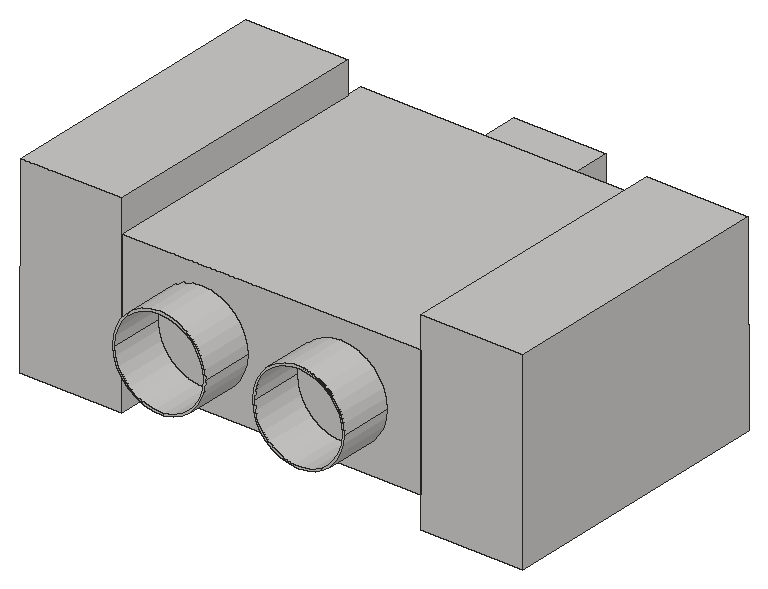
Revit family
Parameters
  Width = 1' - 7"
  Unit Weight = "68.0 lbs"
  URL = "http://www.titus-hvac.com/"
  UL = "181"
  SteriLoc Liner = Liner Option = 3  # no
  Outlet Width = 0' - 5 7/8"
  Outlet Height = 0' - 5 7/8"
  Nominal Width = Width + 1' 1"  # 2' - 8"
  Nominal Length = Length + Inlet Length + 0' 4"  # 2' - 2 3/8"
  Nominal Inlet Size = 0' - 6"
  Nominal Height = if(Height > 1' 0 1/4", Height, 1' 0 1/4")  # 1' - 0 1/4"
  NFPA = "90A"
  Model = "DEDV"
  Min. Air Flow = 0 CFM
  Max. Air Flow = 500 CFM
  Material = Steel
  Manufacturer = "Titus"
  Liner Option = 0
  Length = 1' - 7"
  Inlet Void Radius = Inlet Radius - 0' 0 1/8"  # 0' - 2 13/16"
  Inlet Radius = Inlet Diameter / 2  # 0' - 2 15/16"
  Inlet Offset = 0' - 8 7/8"
  Inlet Length = 0' - 3 3/8"
  Inlet Diameter = Nominal Inlet Size - 0' 0 1/8"  # 0' - 5 7/8"
  Height = 0' - 8 1/4"
  Heat Air Pressure Drop [instance] = 0.00 in-wg
  Heat Air Flow [instance] = 0 CFM
  Fiber Free Liner = Liner Option = 2  # no
  Duct Radius = Nominal Inlet Size / 2  # 0' - 3"
  Design Air Flow [instance] = 0 CFM
  Description = "Dual Duct Terminal Unit, Direct Digital Control, Pressure Independent, with Integral Mixer/Attenuator"
  Cool Air Pressure Drop [instance] = 0.00 in-wg
  Cool Air Flow [instance] = 0 CFM
  CADworks URL = "www.CADworks.net"
  Assembly Code = "D3040100"
  1/2" Fiberglass Liner = Liner Option = 0  # yes
  1" Fiberglass Liner = Liner Option = 1  # no
Reference planes (in)
  plane 1 "Center (Front/Back)": y = 0
  plane 2: z = 0
  plane 3 "Center (Left/Right)": x = 0
  plane 4: x = 9.5
  plane 5: x = -9.5
  plane 6: y = 9.5
  plane 7: y = -9.5
  plane 8: z = 4.125
  plane 9: z = -4.125
  plane 10: x = -4.4375
  plane 11: x = 4.4375
  plane 12: y = -12.875
  plane 13: y = 13.5
  plane 14: x = -16
  plane 15: x = 16
  plane 16: z = 6.125
  plane 17: z = -6.125
Forms (in)
  Extrusion 1, solid, material "Steel" <- "Material"
    sketch origin (0, 70.5, 0) x (1, 0, 0) y (0, 0, 1)
      loop
        line (-9.5, 4.125) -> (-9.5, -4.125) -> (9.5, -4.125) -> (9.5, 4.125) -> (-9.5, 4.125)
    from 61 to 80
  Extrusion 2, solid, material "Steel" <- "Material"
    sketch origin (0, 6.5, 0) x (1, 0, 0) y (0, 0, 1)
      loop
        line (9.5, 6.125) -> (9.5, -6.125) -> (16, -6.125) -> (16, 6.125) -> (9.5, 6.125)
    from -2 to 16
  Extrusion 3, solid, material "Steel" <- "Material"
    sketch origin (0, 8.5, 0) x (-1, 0, 0) y (0, 0, -1)
      loop
        line (9.5, -6.125) -> (16, -6.125) -> (16, 6.125) -> (9.5, 6.125) -> (9.5, -6.125)
    from 0 to 18
  Extrusion 4, solid, material "Steel" <- "Material"
    sketch origin (-1, -19, 0) x (1, 0, 0) y (0, 0, 1)
      loop
        circle (-3.4375, 0) r 2.9375
    from -9.5 to -6.125
  Extrusion 5, solid, material "Steel" <- "Material"
    sketch origin (-3.5, -6, 0) x (-1, 0, 0) y (0, 0, -1)
      loop
        circle (-7.9375, 0) r 2.9375
    from 3.5 to 6.875
  Extrusion 6, void
    sketch origin (0, -10.375, 0) x (1, 0, 0) y (0, 0, 1)
      loop
        circle (-4.4375, 0) r 2.8125
    from -0.875 to 2.5
  Extrusion 7, void
    sketch origin (0, 0, 0) x (1, 0, 0) y (0, 0, 1)
      loop
        circle (4.4375, 0) r 2.8125
    from 9.5 to 12.875
  Extrusion 8, solid, material "Steel" <- "Material"
    sketch origin (0, 23, 0) x (1, 0, 0) y (0, 0, 1)
      loop
        line (-2.9375, 2.9375) -> (-2.9375, -2.9375) -> (2.9375, -2.9375) -> (2.9375, 2.9375) -> (-2.9375, 2.9375)
    from 9.5 to 13.5
  Extrusion 9, void
    sketch origin (0, 34.5, 0) x (1, 0, 0) y (0, 0, 1)
      loop
        line (-2.8125, 2.8125) -> (-2.8125, -2.8125) -> (2.8125, -2.8125) -> (2.8125, 2.8125) -> (-2.8125, 2.8125)
    from 21 to 25
Cuts and joins
  Extrusion 6, Extrusion 7, Extrusion 9 cuts Extrusion 1
  Extrusion 6 cuts Extrusion 4
  Extrusion 7 cuts Extrusion 5
  Extrusion 9 cuts Extrusion 8
Dimensions and locks (in)
  "Length": plane 7 to plane 6
  equal spacing: plane 7, plane 1 "Center (Front/Back)", plane 6
  "Width": plane 5 to plane 4
  equal spacing: plane 5, plane 3 "Center (Left/Right)", plane 4
  "Height": plane 9 to plane 8
  equal spacing: plane 9, level, plane 8
  locked: Extrusion 2 to plane 7 at 18
  locked: Extrusion 2 to Extrusion 2 at 12.25
  equal spacing: Extrusion 2, plane 2, Extrusion 2
  locked: Extrusion 2 to plane 4 at 6.5
  locked: Extrusion 3 to Extrusion 3 at 12.25
  equal spacing: Extrusion 3, plane 2, Extrusion 3
  locked: Extrusion 3 to plane 5 at 6.5
  locked: Extrusion 3 to plane 7 at 18
  "Inlet Offset": plane 10 to plane 11
  equal spacing: plane 10, plane 3 "Center (Left/Right)", plane 11
  "Inlet Length": plane 7 to plane 12
  "Inlet Length": plane 7 to Extrusion 4
  "Inlet Length": Extrusion 5 to plane 7
  locked: plane 6 to plane 13 at 4
  "Outlet Width": Extrusion 8 sketch curve to Extrusion 8 sketch curve
  equal spacing: Extrusion 8 sketch curve, plane 3 "Center (Left/Right)", Extrusion 8 sketch curve
  locked: cut or joined group of Extrusion 8, Extrusion 9 to Extrusion 9 sketch curve at 0.125  (x3)
  locked: Extrusion 9 sketch curve to cut or joined group of Extrusion 8, Extrusion 9 at 0.125
  "Outlet Height": Extrusion 8 sketch curve to Extrusion 8 sketch curve
  equal spacing: Extrusion 8 sketch curve, plane 2, Extrusion 8 sketch curve
  "Nominal Width": plane 14 to plane 15
  plane 13 to plane 12 = 2' - 2 3/8"
  locked: plane 14 to plane 5 at 6.5
  plane 9 to cut or joined group of Extrusion 8, Extrusion 9 = 0' - 1 3/16"  (x3)
  plane 8 to cut or joined group of Extrusion 8, Extrusion 9 = 0' - 1 3/16"  (x2)
  "Inlet Radius": plane 11 to cut or joined group of Extrusion 5, Extrusion 7
  "Inlet Radius": cut or joined group of Extrusion 4, Extrusion 6 to plane 10
  "Inlet Radius": radius of Extrusion 4 sketch curve
  "Inlet Radius": radius of Extrusion 5 sketch curve
  "Inlet Void Radius": radius of Extrusion 6 sketch curve
  "Inlet Void Radius": radius of Extrusion 7 sketch curve
  aligned and locked: plane 6 to Extrusion 1
  aligned and locked: plane 4 to Extrusion 1
  aligned and locked: plane 5 to Extrusion 1
  aligned and locked: plane 7 to Extrusion 1
  aligned and locked: plane 8 to Extrusion 1
  aligned and locked: plane 7 to Extrusion 2
  aligned and locked: plane 7 to Extrusion 3
  aligned and locked: plane 12 to Extrusion 4
  aligned and locked: plane 7 to Extrusion 4
  aligned and locked: plane 7 to Extrusion 5
  aligned and locked: plane 6 to Extrusion 8
  aligned and locked: plane 13 to Extrusion 8
  aligned and locked: plane 12 to cut or joined group of Extrusion 4, Extrusion 6
  aligned and locked: plane 12 to cut or joined group of Extrusion 5, Extrusion 7
  aligned and locked: plane 13 to cut or joined group of Extrusion 8, Extrusion 9
  aligned and locked: plane 14 to Extrusion 3
  aligned and locked: plane 15 to Extrusion 2
  aligned and locked: cut or joined group of Extrusion 5, Extrusion 7 to cut or joined group of Extrusion 1, Extrusion 6, Extrusion 7, Extrusion 9
  aligned and locked: cut or joined group of Extrusion 4, Extrusion 6 to cut or joined group of Extrusion 1, Extrusion 6, Extrusion 7, Extrusion 9
  aligned and locked: cut or joined group of Extrusion 1, Extrusion 6, Extrusion 7, Extrusion 9 to cut or joined group of Extrusion 4, Extrusion 6  (x2)
  aligned and locked: plane 7 to Extrusion 7
  aligned and locked: Extrusion 7 to plane 12
  aligned and locked: plane 7 to Extrusion 6
  aligned and locked: Extrusion 6 to plane 12
  aligned and locked: Extrusion 9 to Extrusion 1
  aligned and locked: Extrusion 9 to plane 13
Automatic sketch dimensions
  Extrusion 1 sketch curve to plane 5 = 0' - 0"
  Extrusion 1 sketch curve to plane 4 = 0' - 0"
  Extrusion 1 sketch curve to plane 9 = 0' - 0"
  Extrusion 1 sketch curve to plane 8 = 0' - 0"
  Extrusion 2 sketch curve to plane 4 = 0' - 0"
  plane 9 to Extrusion 2 sketch curve = 0' - 2"
  Extrusion 2 sketch curve to Extrusion 2 sketch curve = 0' - 6 1/2"
  Extrusion 2 sketch curve to plane 8 = 0' - 2"
  Extrusion 3 sketch curve to plane 5 = 0' - 0"
  plane 9 to Extrusion 3 sketch curve = 0' - 2"
  Extrusion 3 sketch curve to Extrusion 3 sketch curve = 0' - 6 1/2"
  Extrusion 3 sketch curve to plane 8 = 0' - 2"
  Extrusion 4 sketch curve to level = 0' - 0"
  Extrusion 4 sketch curve to plane 10 = 0' - 0"
  Extrusion 5 sketch curve to level = 0' - 0"
  Extrusion 5 sketch curve to plane 11 = 0' - 0"
  Extrusion 6 sketch curve to level = 0' - 0"
  Extrusion 6 sketch curve to plane 10 = 0' - 0"
  Extrusion 7 sketch curve to level = 0' - 0"
  Extrusion 7 sketch curve to plane 11 = 0' - 0"
Connectors (in)
  hvac at (4.4375, -12.875, 0), driven by "Duct Radius", driven by "Cool Air Flow", driven by "Cool Air Pressure Drop"
    settings: on cut or joined group of Extrusion 5, Extrusion 7, index 1
  hvac at (-4.4375, -12.875, 0), driven by "Duct Radius", driven by "Heat Air Pressure Drop", driven by "Heat Air Flow"
    settings: on cut or joined group of Extrusion 4, Extrusion 6, index 2
  hvac at (0, 13.5, 0), driven by "Outlet Height", driven by "Outlet Width", driven by "Design Air Flow"
    settings: on cut or joined group of Extrusion 8, Extrusion 9, index 3
